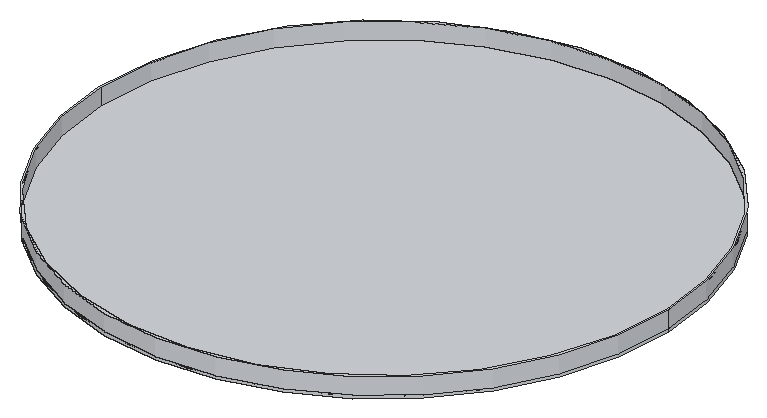
Revit family "vent_cap", category Generic Models, Revit 2025
Family settings
  Can host rebar = No
  Round Connector Dimension = Use Diameter
  Part Type = Normal
  Work Plane-Based = No
  Always vertical = Yes
  Cut with Voids When Loaded = No
  Maintain Annotation Orientation = No
  Shared = No
  Room Calculation Point = No
Parameters
  Nominal Diameter = 1' - 0"
  Lip Size = Nominal Diameter * 0.0294  # 0' - 0.3528"
  Gauge = 0' - 0 1/16"
  Diameter Inner = Diameter - Gauge  # 0' - 11 15/16"
  Diameter = Nominal Diameter  # 1' - 0"
  Default Elevation = 0' - 0"
Reference planes (in)
  plane 1 "Center (Front/Back)": y = 0
  plane 2: z = 0
  plane 3 "Center (Left/Right)": x = 0
  plane 4: y = 6
  plane 5: y = -6
  plane 6: x = -6
  plane 7: x = 6
  plane 8: z = 0.0625
Forms (in)
  Extrusion 1, solid
    sketch origin (0, 0, 0) x (1, 0, 0) y (0, 1, 0)
      loop
        circle (0, 0) r 6
    from 0 to 0.0625 <- "Gauge"
  Extrusion 2, solid
    sketch origin (-8.82302, -180, 0.0625) x (-1, 0, 0) y (0, -1, 0)
      loop
        circle (-8.82302, -180) r 6
      loop
        circle (-8.82302, -180) r 5.96875
    from 0 to 0.3528 <- "Lip Size"
Dimensions and locks (in)
  equal spacing: plane 5, plane 1 "Center (Front/Back)", plane 4
  equal spacing: plane 6, plane 3 "Center (Left/Right)", plane 7
  "Diameter": plane 4 to plane 5
  "Diameter": plane 6 to plane 7
  "Gauge": plane 8 to plane 2
  "Diameter": diameter of Extrusion 1 sketch curve
  "Diameter": diameter of Extrusion 2 sketch curve
  "Diameter Inner": diameter of Extrusion 2 sketch curve
  aligned and locked: plane 2 to level
  aligned and locked: plane 3 "Center (Left/Right)" to Extrusion 1 sketch curve
  aligned and locked: plane 1 "Center (Front/Back)" to Extrusion 1 sketch curve
  aligned and locked: plane 3 "Center (Left/Right)" to Extrusion 2 sketch curve  (x2)
  aligned and locked: plane 1 "Center (Front/Back)" to Extrusion 2 sketch curve  (x2)
